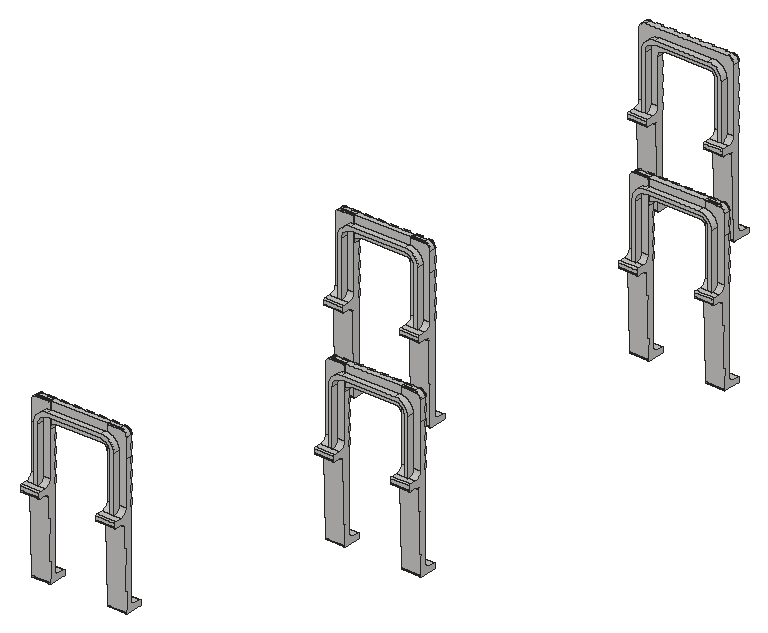
Revit family "TSF‐___‐DSD‐IRON‐SI_B0 (LOD500)", category Generic Models, host Face, Revit 2018 (continued)
Automatic sketch dimensions
  Extrusion 32 sketch curve to Extrusion 32 sketch curve = 1.284 mm
  Extrusion 32 sketch curve to Extrusion 32 sketch curve = 1.359 mm
  Extrusion 32 sketch curve to Extrusion 32 sketch curve = 0.601 mm
  Extrusion 33 sketch curve to Extrusion 33 sketch curve = 5 mm
  Extrusion 33 sketch curve to Extrusion 33 sketch curve = 13.567 mm
  Extrusion 34 sketch curve to Extrusion 34 sketch curve = 5 mm
  Extrusion 34 sketch curve to Extrusion 34 sketch curve = 13.567 mm
  Extrusion 35 sketch curve to Extrusion 35 sketch curve = 0 mm
  Extrusion 37 sketch curve to Extrusion 37 sketch curve = 0 mm  (x9)
  Extrusion 37 sketch curve to Extrusion 37 sketch curve = 15 mm  (x2)
  Extrusion 37 sketch curve to Extrusion 37 sketch curve = 6 mm
  Extrusion 37 sketch curve to Extrusion 37 sketch curve = 84 mm
  Extrusion 38 sketch curve to Extrusion 38 sketch curve = 0 mm  (x67)
  Extrusion 38 sketch curve to Extrusion 38 sketch curve = 9.5 mm  (x2)
  Extrusion 38 sketch curve to Extrusion 38 sketch curve = 0.5 mm  (x60)
  Extrusion 38 sketch curve to Extrusion 38 sketch curve = 9 mm  (x22)
  Extrusion 38 sketch curve to Extrusion 38 sketch curve = 10 mm  (x29)
  Extrusion 38 sketch curve to Extrusion 38 sketch curve = 10.013 mm
  Extrusion 38 sketch curve to Extrusion 38 sketch curve = 11.097 mm
  Extrusion 38 sketch curve to Extrusion 38 sketch curve = 7.903 mm
  Extrusion 38 sketch curve to Extrusion 38 sketch curve = 8.987 mm
  Extrusion 38 sketch curve to Extrusion 38 sketch curve = 8.992 mm
  Extrusion 38 sketch curve to Extrusion 38 sketch curve = 0.508 mm
  Extrusion 38 sketch curve to Extrusion 38 sketch curve = 4.812 mm
  Extrusion 38 sketch curve to Extrusion 38 sketch curve = 5.067 mm
  Extrusion 38 sketch curve to Extrusion 38 sketch curve = 0.391 mm
  Extrusion 38 sketch curve to Extrusion 38 sketch curve = 0.23 mm
  Extrusion 38 sketch curve to Extrusion 38 sketch curve = 0.449 mm
  Extrusion 38 sketch curve to Extrusion 38 sketch curve = 3.712 mm
  Extrusion 38 sketch curve to Extrusion 38 sketch curve = 3.64 mm
  Extrusion 38 sketch curve to Extrusion 38 sketch curve = 1.265 mm
  Extrusion 38 sketch curve to Extrusion 38 sketch curve = 1.475 mm
  Extrusion 38 sketch curve to Extrusion 38 sketch curve = 1.293 mm
  Extrusion 38 sketch curve to Extrusion 38 sketch curve = 0.264 mm
  Extrusion 38 sketch curve to Extrusion 38 sketch curve = 1.401 mm
  Extrusion 38 sketch curve to Extrusion 38 sketch curve = 0.206 mm
  Extrusion 38 sketch curve to Extrusion 38 sketch curve = 1.489 mm  (x5)
  Extrusion 38 sketch curve to Extrusion 38 sketch curve = 1.5 mm  (x30)
  Extrusion 38 sketch curve to Extrusion 38 sketch curve = 0.525 mm
  Extrusion 38 sketch curve to Extrusion 38 sketch curve = 0.546 mm
  Extrusion 38 sketch curve to Extrusion 38 sketch curve = 26 mm  (x3)
  Extrusion 38 sketch curve to Extrusion 38 sketch curve = 8 mm
  Extrusion 38 sketch curve to Extrusion 38 sketch curve = 8.515 mm
  Extrusion 38 sketch curve to Extrusion 38 sketch curve = 2 mm  (x3)
  Extrusion 38 sketch curve to Extrusion 38 sketch curve = 1.485 mm
  Extrusion 38 sketch curve to Extrusion 38 sketch curve = 1.492 mm
  Extrusion 38 sketch curve to Extrusion 38 sketch curve = 0.532 mm
  Extrusion 38 sketch curve to Extrusion 38 sketch curve = 0.225 mm
  Extrusion 38 sketch curve to Extrusion 38 sketch curve = 0.479 mm
  Extrusion 38 sketch curve to Extrusion 38 sketch curve = 0.345 mm
  Extrusion 38 sketch curve to Extrusion 38 sketch curve = 0.43 mm
  Extrusion 38 sketch curve to Extrusion 38 sketch curve = 3.538 mm
  Extrusion 38 sketch curve to Extrusion 38 sketch curve = 1.472 mm
  Extrusion 38 sketch curve to Extrusion 38 sketch curve = 0.416 mm
  Extrusion 39 sketch curve to Extrusion 39 sketch curve = 0.209 mm
  Extrusion 39 sketch curve to Extrusion 39 sketch curve = 107.969 mm
  Extrusion 39 sketch curve to Extrusion 39 sketch curve = 7.96 mm
  Extrusion 39 sketch curve to Extrusion 39 sketch curve = 1.189 mm
  Extrusion 39 sketch curve to Extrusion 39 sketch curve = 0.995 mm
  Extrusion 39 sketch curve to Extrusion 39 sketch curve = 7.279 mm
  Extrusion 39 sketch curve to Extrusion 39 sketch curve = 0.061 mm
  Extrusion 39 sketch curve to Extrusion 39 sketch curve = 6.095 mm
  Extrusion 39 sketch curve to Extrusion 39 sketch curve = 2 mm  (x4)
  Extrusion 39 sketch curve to Extrusion 39 sketch curve = 6 mm
  Extrusion 39 sketch curve to Extrusion 39 sketch curve = 10 mm  (x2)
  Extrusion 39 sketch curve to Extrusion 39 sketch curve = 108 mm
  Extrusion 39 sketch curve to Extrusion 39 sketch curve = 11.154 mm
  Extrusion 39 sketch curve to Extrusion 39 sketch curve = 3.791 mm
  Extrusion 39 sketch curve to Extrusion 39 sketch curve = 8 mm
  Extrusion 39 sketch curve to Extrusion 39 sketch curve = 7.204 mm
  Extrusion 39 sketch curve to Extrusion 39 sketch curve = 11.796 mm
  Extrusion 39 sketch curve to Extrusion 39 sketch curve = 0 mm
  Extrusion 40 sketch curve to Extrusion 40 sketch curve = 0.209 mm
  Extrusion 40 sketch curve to Extrusion 40 sketch curve = 107.969 mm
  Extrusion 40 sketch curve to Extrusion 40 sketch curve = 7.96 mm
  Extrusion 40 sketch curve to Extrusion 40 sketch curve = 1.189 mm
  Extrusion 40 sketch curve to Extrusion 40 sketch curve = 0.995 mm
  Extrusion 40 sketch curve to Extrusion 40 sketch curve = 7.279 mm
  Extrusion 40 sketch curve to Extrusion 40 sketch curve = 0.061 mm
  Extrusion 40 sketch curve to Extrusion 40 sketch curve = 6.095 mm
  Extrusion 40 sketch curve to Extrusion 40 sketch curve = 2 mm  (x4)
  Extrusion 40 sketch curve to Extrusion 40 sketch curve = 6 mm
  Extrusion 40 sketch curve to Extrusion 40 sketch curve = 10 mm  (x2)
  Extrusion 40 sketch curve to Extrusion 40 sketch curve = 108 mm
  Extrusion 40 sketch curve to Extrusion 40 sketch curve = 11.154 mm
  Extrusion 40 sketch curve to Extrusion 40 sketch curve = 3.791 mm
  Extrusion 40 sketch curve to Extrusion 40 sketch curve = 8 mm
  Extrusion 40 sketch curve to Extrusion 40 sketch curve = 7.204 mm
  Extrusion 40 sketch curve to Extrusion 40 sketch curve = 11.796 mm
  Extrusion 40 sketch curve to Extrusion 40 sketch curve = 0 mm
  Extrusion 41 sketch curve to Extrusion 41 sketch curve = 10 mm  (x2)
  Extrusion 41 sketch curve to Extrusion 41 sketch curve = 30 mm  (x4)
  Extrusion 41 sketch curve to Extrusion 41 sketch curve = 70 mm
  Extrusion 42 sketch curve to Extrusion 42 sketch curve = 10 mm  (x4)
  Extrusion 42 sketch curve to Extrusion 42 sketch curve = 130 mm
  Extrusion 42 sketch curve to Extrusion 42 sketch curve = 0 mm  (x7)
  Extrusion 37 sketch curve to Extrusion 37 sketch curve = 97 mm
  Extrusion 38 sketch curve to Extrusion 38 sketch curve = 1.284 mm
  Extrusion 38 sketch curve to Extrusion 38 sketch curve = 1.359 mm
  Extrusion 38 sketch curve to Extrusion 38 sketch curve = 0.601 mm
  Extrusion 39 sketch curve to Extrusion 39 sketch curve = 5 mm
  Extrusion 39 sketch curve to Extrusion 39 sketch curve = 13.567 mm
  Extrusion 40 sketch curve to Extrusion 40 sketch curve = 5 mm
  Extrusion 40 sketch curve to Extrusion 40 sketch curve = 13.567 mm
  Extrusion 41 sketch curve to Extrusion 41 sketch curve = 0 mm
  Extrusion 1 sketch curve to Extrusion 1 sketch curve = 97 mm
  Extrusion 2 sketch curve to Extrusion 2 sketch curve = 1.284 mm
  Extrusion 2 sketch curve to Extrusion 2 sketch curve = 1.359 mm
  Extrusion 2 sketch curve to Extrusion 2 sketch curve = 0.601 mm
  Extrusion 3 sketch curve to Extrusion 3 sketch curve = 1.939 mm
  Extrusion 3 sketch curve to Extrusion 3 sketch curve = 5 mm
  Extrusion 3 sketch curve to Extrusion 3 sketch curve = 11.224 mm
  Extrusion 3 sketch curve to Extrusion 3 sketch curve = 11.154 mm
  Extrusion 3 sketch curve to Extrusion 3 sketch curve = 3.791 mm
  Extrusion 3 sketch curve to Extrusion 3 sketch curve = 8 mm
  Extrusion 3 sketch curve to Extrusion 3 sketch curve = 7.204 mm
  Extrusion 3 sketch curve to Extrusion 3 sketch curve = 11.796 mm
  Extrusion 4 sketch curve to Extrusion 4 sketch curve = 1.939 mm
  Extrusion 4 sketch curve to Extrusion 4 sketch curve = 5 mm
  Extrusion 4 sketch curve to Extrusion 4 sketch curve = 11.224 mm
  Extrusion 4 sketch curve to Extrusion 4 sketch curve = 11.154 mm
  Extrusion 4 sketch curve to Extrusion 4 sketch curve = 3.791 mm
  Extrusion 4 sketch curve to Extrusion 4 sketch curve = 8 mm
  Extrusion 4 sketch curve to Extrusion 4 sketch curve = 7.204 mm
  Extrusion 4 sketch curve to Extrusion 4 sketch curve = 11.796 mm
  Extrusion 5 sketch curve to Extrusion 5 sketch curve = 0 mm
  Extrusion 43 sketch curve to Extrusion 43 sketch curve = 0 mm  (x9)
  Extrusion 43 sketch curve to Extrusion 43 sketch curve = 15 mm  (x2)
  Extrusion 43 sketch curve to Extrusion 43 sketch curve = 6 mm
  Extrusion 43 sketch curve to Extrusion 43 sketch curve = 84 mm
  Extrusion 44 sketch curve to Extrusion 44 sketch curve = 0 mm  (x67)
  Extrusion 44 sketch curve to Extrusion 44 sketch curve = 9.5 mm  (x2)
  Extrusion 44 sketch curve to Extrusion 44 sketch curve = 0.5 mm  (x60)
  Extrusion 44 sketch curve to Extrusion 44 sketch curve = 9 mm  (x22)
  Extrusion 44 sketch curve to Extrusion 44 sketch curve = 10 mm  (x29)
  Extrusion 44 sketch curve to Extrusion 44 sketch curve = 10.013 mm
  Extrusion 44 sketch curve to Extrusion 44 sketch curve = 11.097 mm
  Extrusion 44 sketch curve to Extrusion 44 sketch curve = 7.903 mm
  Extrusion 44 sketch curve to Extrusion 44 sketch curve = 8.987 mm
  Extrusion 44 sketch curve to Extrusion 44 sketch curve = 8.992 mm
  Extrusion 44 sketch curve to Extrusion 44 sketch curve = 0.508 mm
  Extrusion 44 sketch curve to Extrusion 44 sketch curve = 4.812 mm
  Extrusion 44 sketch curve to Extrusion 44 sketch curve = 5.067 mm
  Extrusion 44 sketch curve to Extrusion 44 sketch curve = 0.391 mm
  Extrusion 44 sketch curve to Extrusion 44 sketch curve = 0.23 mm
  Extrusion 44 sketch curve to Extrusion 44 sketch curve = 0.449 mm
  Extrusion 44 sketch curve to Extrusion 44 sketch curve = 3.712 mm
  Extrusion 44 sketch curve to Extrusion 44 sketch curve = 3.64 mm
  Extrusion 44 sketch curve to Extrusion 44 sketch curve = 1.265 mm
  Extrusion 44 sketch curve to Extrusion 44 sketch curve = 1.475 mm
  Extrusion 44 sketch curve to Extrusion 44 sketch curve = 1.293 mm
  Extrusion 44 sketch curve to Extrusion 44 sketch curve = 0.264 mm
  Extrusion 44 sketch curve to Extrusion 44 sketch curve = 1.401 mm
  Extrusion 44 sketch curve to Extrusion 44 sketch curve = 0.206 mm
  Extrusion 44 sketch curve to Extrusion 44 sketch curve = 1.489 mm  (x5)
  Extrusion 44 sketch curve to Extrusion 44 sketch curve = 1.5 mm  (x30)
  Extrusion 44 sketch curve to Extrusion 44 sketch curve = 0.525 mm
  Extrusion 44 sketch curve to Extrusion 44 sketch curve = 0.546 mm
  Extrusion 44 sketch curve to Extrusion 44 sketch curve = 26 mm  (x3)
  Extrusion 44 sketch curve to Extrusion 44 sketch curve = 8 mm
  Extrusion 44 sketch curve to Extrusion 44 sketch curve = 8.515 mm
  Extrusion 44 sketch curve to Extrusion 44 sketch curve = 2 mm  (x3)
  Extrusion 44 sketch curve to Extrusion 44 sketch curve = 1.485 mm
  Extrusion 44 sketch curve to Extrusion 44 sketch curve = 1.492 mm
  Extrusion 44 sketch curve to Extrusion 44 sketch curve = 0.532 mm
  Extrusion 44 sketch curve to Extrusion 44 sketch curve = 0.225 mm
  Extrusion 44 sketch curve to Extrusion 44 sketch curve = 0.479 mm
  Extrusion 44 sketch curve to Extrusion 44 sketch curve = 0.345 mm
  Extrusion 44 sketch curve to Extrusion 44 sketch curve = 0.43 mm
  Extrusion 44 sketch curve to Extrusion 44 sketch curve = 3.538 mm
  Extrusion 44 sketch curve to Extrusion 44 sketch curve = 1.472 mm
  Extrusion 44 sketch curve to Extrusion 44 sketch curve = 0.416 mm
  Extrusion 45 sketch curve to Extrusion 45 sketch curve = 0.209 mm
  Extrusion 45 sketch curve to Extrusion 45 sketch curve = 107.969 mm
  Extrusion 45 sketch curve to Extrusion 45 sketch curve = 7.96 mm
  Extrusion 45 sketch curve to Extrusion 45 sketch curve = 1.189 mm
  Extrusion 45 sketch curve to Extrusion 45 sketch curve = 0.995 mm
  Extrusion 45 sketch curve to Extrusion 45 sketch curve = 7.279 mm
  Extrusion 45 sketch curve to Extrusion 45 sketch curve = 0.061 mm
  Extrusion 45 sketch curve to Extrusion 45 sketch curve = 1 mm
  Extrusion 45 sketch curve to Extrusion 45 sketch curve = 6 mm
  Extrusion 45 sketch curve to Extrusion 45 sketch curve = 2 mm  (x3)
  Extrusion 45 sketch curve to Extrusion 45 sketch curve = 108 mm
  Extrusion 45 sketch curve to Extrusion 45 sketch curve = 10 mm  (x2)
  Extrusion 45 sketch curve to Extrusion 45 sketch curve = 0.099 mm
  Extrusion 46 sketch curve to Extrusion 46 sketch curve = 0.209 mm
  Extrusion 46 sketch curve to Extrusion 46 sketch curve = 107.969 mm
  Extrusion 46 sketch curve to Extrusion 46 sketch curve = 7.96 mm
  Extrusion 46 sketch curve to Extrusion 46 sketch curve = 1.189 mm
  Extrusion 46 sketch curve to Extrusion 46 sketch curve = 0.995 mm
  Extrusion 46 sketch curve to Extrusion 46 sketch curve = 7.279 mm
  Extrusion 46 sketch curve to Extrusion 46 sketch curve = 0.061 mm
  Extrusion 46 sketch curve to Extrusion 46 sketch curve = 1 mm
  Extrusion 46 sketch curve to Extrusion 46 sketch curve = 6 mm
  Extrusion 46 sketch curve to Extrusion 46 sketch curve = 2 mm  (x3)
  Extrusion 46 sketch curve to Extrusion 46 sketch curve = 108 mm
  Extrusion 46 sketch curve to Extrusion 46 sketch curve = 10 mm  (x2)
  Extrusion 46 sketch curve to Extrusion 46 sketch curve = 0.099 mm
  Extrusion 47 sketch curve to Extrusion 47 sketch curve = 10 mm  (x2)
  Extrusion 47 sketch curve to Extrusion 47 sketch curve = 30 mm  (x4)
  Extrusion 47 sketch curve to Extrusion 47 sketch curve = 70 mm
  Extrusion 48 sketch curve to Extrusion 48 sketch curve = 10 mm  (x4)
  Extrusion 48 sketch curve to Extrusion 48 sketch curve = 130 mm
  Extrusion 48 sketch curve to Extrusion 48 sketch curve = 0 mm  (x7)
  Extrusion 43 sketch curve to Extrusion 43 sketch curve = 97 mm
  Extrusion 44 sketch curve to Extrusion 44 sketch curve = 1.284 mm
  Extrusion 44 sketch curve to Extrusion 44 sketch curve = 1.359 mm
  Extrusion 44 sketch curve to Extrusion 44 sketch curve = 0.601 mm
  Extrusion 45 sketch curve to Extrusion 45 sketch curve = 1.939 mm
  Extrusion 45 sketch curve to Extrusion 45 sketch curve = 5 mm
  Extrusion 45 sketch curve to Extrusion 45 sketch curve = 11.224 mm
  Extrusion 45 sketch curve to Extrusion 45 sketch curve = 11.154 mm
  Extrusion 45 sketch curve to Extrusion 45 sketch curve = 3.791 mm
  Extrusion 45 sketch curve to Extrusion 45 sketch curve = 8 mm
  Extrusion 45 sketch curve to Extrusion 45 sketch curve = 7.204 mm
  Extrusion 45 sketch curve to Extrusion 45 sketch curve = 11.796 mm
  Extrusion 46 sketch curve to Extrusion 46 sketch curve = 1.939 mm
  Extrusion 46 sketch curve to Extrusion 46 sketch curve = 5 mm
  Extrusion 46 sketch curve to Extrusion 46 sketch curve = 11.224 mm
  Extrusion 46 sketch curve to Extrusion 46 sketch curve = 11.154 mm
  Extrusion 46 sketch curve to Extrusion 46 sketch curve = 3.791 mm
  Extrusion 46 sketch curve to Extrusion 46 sketch curve = 8 mm
  Extrusion 46 sketch curve to Extrusion 46 sketch curve = 7.204 mm
  Extrusion 46 sketch curve to Extrusion 46 sketch curve = 11.796 mm
  Extrusion 47 sketch curve to Extrusion 47 sketch curve = 0 mm
  Extrusion 55 sketch curve to Extrusion 55 sketch curve = 0 mm  (x9)
  Extrusion 55 sketch curve to Extrusion 55 sketch curve = 15 mm  (x2)
  Extrusion 55 sketch curve to Extrusion 55 sketch curve = 6 mm
  Extrusion 55 sketch curve to Extrusion 55 sketch curve = 84 mm
  Extrusion 56 sketch curve to Extrusion 56 sketch curve = 0 mm  (x67)
  Extrusion 56 sketch curve to Extrusion 56 sketch curve = 9.5 mm  (x2)
  Extrusion 56 sketch curve to Extrusion 56 sketch curve = 0.5 mm  (x60)
  Extrusion 56 sketch curve to Extrusion 56 sketch curve = 9 mm  (x22)
  Extrusion 56 sketch curve to Extrusion 56 sketch curve = 10 mm  (x29)
  Extrusion 56 sketch curve to Extrusion 56 sketch curve = 10.013 mm
  Extrusion 56 sketch curve to Extrusion 56 sketch curve = 11.097 mm
  Extrusion 56 sketch curve to Extrusion 56 sketch curve = 7.903 mm
  Extrusion 56 sketch curve to Extrusion 56 sketch curve = 8.987 mm
  Extrusion 56 sketch curve to Extrusion 56 sketch curve = 8.992 mm
  Extrusion 56 sketch curve to Extrusion 56 sketch curve = 0.508 mm
  Extrusion 56 sketch curve to Extrusion 56 sketch curve = 4.812 mm
  Extrusion 56 sketch curve to Extrusion 56 sketch curve = 5.067 mm
  Extrusion 56 sketch curve to Extrusion 56 sketch curve = 0.391 mm
  Extrusion 56 sketch curve to Extrusion 56 sketch curve = 0.23 mm
  Extrusion 56 sketch curve to Extrusion 56 sketch curve = 0.449 mm
  Extrusion 56 sketch curve to Extrusion 56 sketch curve = 3.712 mm
  Extrusion 56 sketch curve to Extrusion 56 sketch curve = 3.64 mm
  Extrusion 56 sketch curve to Extrusion 56 sketch curve = 1.265 mm
  Extrusion 56 sketch curve to Extrusion 56 sketch curve = 1.475 mm
  Extrusion 56 sketch curve to Extrusion 56 sketch curve = 1.293 mm
  Extrusion 56 sketch curve to Extrusion 56 sketch curve = 0.264 mm
  Extrusion 56 sketch curve to Extrusion 56 sketch curve = 1.401 mm
  Extrusion 56 sketch curve to Extrusion 56 sketch curve = 0.206 mm
  Extrusion 56 sketch curve to Extrusion 56 sketch curve = 1.489 mm  (x5)
  Extrusion 56 sketch curve to Extrusion 56 sketch curve = 1.5 mm  (x30)
  Extrusion 56 sketch curve to Extrusion 56 sketch curve = 0.525 mm
  Extrusion 56 sketch curve to Extrusion 56 sketch curve = 0.546 mm
  Extrusion 56 sketch curve to Extrusion 56 sketch curve = 26 mm  (x3)
  Extrusion 56 sketch curve to Extrusion 56 sketch curve = 8 mm
  Extrusion 56 sketch curve to Extrusion 56 sketch curve = 8.515 mm
  Extrusion 56 sketch curve to Extrusion 56 sketch curve = 2 mm  (x3)
  Extrusion 56 sketch curve to Extrusion 56 sketch curve = 1.485 mm
  Extrusion 56 sketch curve to Extrusion 56 sketch curve = 1.492 mm
  Extrusion 56 sketch curve to Extrusion 56 sketch curve = 0.532 mm
  Extrusion 56 sketch curve to Extrusion 56 sketch curve = 0.225 mm
  Extrusion 56 sketch curve to Extrusion 56 sketch curve = 0.479 mm
  Extrusion 56 sketch curve to Extrusion 56 sketch curve = 0.345 mm
  Extrusion 56 sketch curve to Extrusion 56 sketch curve = 0.43 mm
  Extrusion 56 sketch curve to Extrusion 56 sketch curve = 3.538 mm
  Extrusion 56 sketch curve to Extrusion 56 sketch curve = 1.472 mm
  Extrusion 56 sketch curve to Extrusion 56 sketch curve = 0.416 mm
  Extrusion 57 sketch curve to Extrusion 57 sketch curve = 0.209 mm
  Extrusion 57 sketch curve to Extrusion 57 sketch curve = 107.969 mm
  Extrusion 57 sketch curve to Extrusion 57 sketch curve = 7.96 mm
  Extrusion 57 sketch curve to Extrusion 57 sketch curve = 1.189 mm
  Extrusion 57 sketch curve to Extrusion 57 sketch curve = 0.995 mm
  Extrusion 57 sketch curve to Extrusion 57 sketch curve = 7.279 mm
  Extrusion 57 sketch curve to Extrusion 57 sketch curve = 0.061 mm
  Extrusion 57 sketch curve to Extrusion 57 sketch curve = 1 mm
  Extrusion 57 sketch curve to Extrusion 57 sketch curve = 6 mm
  Extrusion 57 sketch curve to Extrusion 57 sketch curve = 2 mm  (x3)
  Extrusion 57 sketch curve to Extrusion 57 sketch curve = 108 mm
  Extrusion 57 sketch curve to Extrusion 57 sketch curve = 10 mm  (x2)
  Extrusion 57 sketch curve to Extrusion 57 sketch curve = 0.099 mm
  Extrusion 58 sketch curve to Extrusion 58 sketch curve = 0.209 mm
  Extrusion 58 sketch curve to Extrusion 58 sketch curve = 107.969 mm
  Extrusion 58 sketch curve to Extrusion 58 sketch curve = 7.96 mm
  Extrusion 58 sketch curve to Extrusion 58 sketch curve = 1.189 mm
  Extrusion 58 sketch curve to Extrusion 58 sketch curve = 0.995 mm
  Extrusion 58 sketch curve to Extrusion 58 sketch curve = 7.279 mm
  Extrusion 58 sketch curve to Extrusion 58 sketch curve = 0.061 mm
  Extrusion 58 sketch curve to Extrusion 58 sketch curve = 1 mm
  Extrusion 58 sketch curve to Extrusion 58 sketch curve = 6 mm
  Extrusion 58 sketch curve to Extrusion 58 sketch curve = 2 mm  (x3)
  Extrusion 58 sketch curve to Extrusion 58 sketch curve = 108 mm
  Extrusion 58 sketch curve to Extrusion 58 sketch curve = 10 mm  (x2)
  Extrusion 58 sketch curve to Extrusion 58 sketch curve = 0.099 mm
  Extrusion 59 sketch curve to Extrusion 59 sketch curve = 10 mm  (x2)
  Extrusion 59 sketch curve to Extrusion 59 sketch curve = 30 mm  (x4)
  Extrusion 59 sketch curve to Extrusion 59 sketch curve = 70 mm
  Extrusion 60 sketch curve to Extrusion 60 sketch curve = 10 mm  (x4)
  Extrusion 60 sketch curve to Extrusion 60 sketch curve = 130 mm
  Extrusion 60 sketch curve to Extrusion 60 sketch curve = 0 mm  (x7)
  Extrusion 55 sketch curve to Extrusion 55 sketch curve = 97 mm
  Extrusion 56 sketch curve to Extrusion 56 sketch curve = 1.284 mm
  Extrusion 56 sketch curve to Extrusion 56 sketch curve = 1.359 mm
  Extrusion 56 sketch curve to Extrusion 56 sketch curve = 0.601 mm
  Extrusion 57 sketch curve to Extrusion 57 sketch curve = 1.939 mm
  Extrusion 57 sketch curve to Extrusion 57 sketch curve = 5 mm
  Extrusion 57 sketch curve to Extrusion 57 sketch curve = 11.224 mm
  Extrusion 57 sketch curve to Extrusion 57 sketch curve = 11.154 mm
  Extrusion 57 sketch curve to Extrusion 57 sketch curve = 3.791 mm
  Extrusion 57 sketch curve to Extrusion 57 sketch curve = 8 mm
  Extrusion 57 sketch curve to Extrusion 57 sketch curve = 7.204 mm
  Extrusion 57 sketch curve to Extrusion 57 sketch curve = 11.796 mm
  Extrusion 58 sketch curve to Extrusion 58 sketch curve = 1.939 mm
  Extrusion 58 sketch curve to Extrusion 58 sketch curve = 5 mm
  Extrusion 58 sketch curve to Extrusion 58 sketch curve = 11.224 mm
  Extrusion 58 sketch curve to Extrusion 58 sketch curve = 11.154 mm
  Extrusion 58 sketch curve to Extrusion 58 sketch curve = 3.791 mm
  Extrusion 58 sketch curve to Extrusion 58 sketch curve = 8 mm
  Extrusion 58 sketch curve to Extrusion 58 sketch curve = 7.204 mm
  Extrusion 58 sketch curve to Extrusion 58 sketch curve = 11.796 mm
  Extrusion 59 sketch curve to Extrusion 59 sketch curve = 0 mm
Types (2, lengths in mm): name | RHS | NumberofRHS | NumberofLHS | MDepth | LHS | MinDepth | Depth | DSD.Com.Installed Date | DSD.Com.Commission Date
  Left Hand Side | no | 3 | 3 | 1550 | yes | 1850 | 1850 | "01/05/2019" | "01/01/2018"
  Right Hand Side | yes | 2 | 2 | 1500 | no | 1800 | 0 | "01/01/2019" | "01/05/2018"
